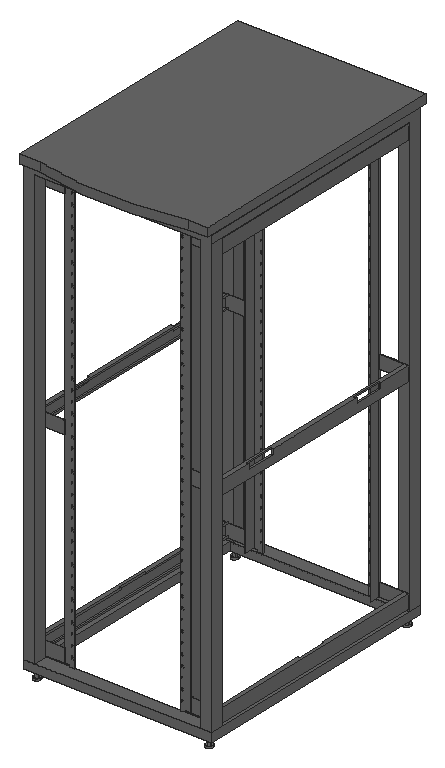
Revit family "V82A-42U-Without Doors-04.04.14", category Electrical Equipment, Revit 2013 (continued)
Lines and regions (mm)
  model lines
    curve 620: line (475.49, 628.074, 2018.227) -> (481.49, 628.074, 2018.227)
    curve 621: line (485.49, 633.074, 2018.227) -> (485.49, 630.074, 2018.227)
    curve 622: line (485.49, 630.074, 2018.227) -> (481.49, 630.074, 2018.227)
    curve 623: line (481.49, 630.074, 2018.227) -> (481.49, 628.074, 2018.227)
    curve 624: line (471.49, 633.074, 2018.227) -> (475.49, 633.074, 2018.227)
    curve 625: line (475.49, 633.074, 2018.227) -> (475.49, 635.074, 2018.227)
    curve 626: line (475.49, 635.074, 2018.227) -> (481.49, 635.074, 2018.227)
    curve 627: line (485.49, 633.074, 2018.227) -> (481.49, 633.074, 2018.227)
    curve 628: line (481.49, 633.074, 2018.227) -> (481.49, 635.074, 2018.227)
    curve 629: line (471.49, 188.074, 2018.227) -> (471.49, 191.074, 2018.227)
    curve 630: line (471.49, 191.074, 2018.227) -> (475.49, 191.074, 2018.227)
    curve 631: line (475.49, 191.074, 2018.227) -> (475.49, 193.074, 2018.227)
    curve 632: line (475.49, 193.074, 2018.227) -> (481.49, 193.074, 2018.227)
    curve 633: line (485.49, 188.074, 2018.227) -> (485.49, 191.074, 2018.227)
    curve 634: line (485.49, 191.074, 2018.227) -> (481.49, 191.074, 2018.227)
    curve 635: line (481.49, 191.074, 2018.227) -> (481.49, 193.074, 2018.227)
    curve 636: line (471.49, 188.074, 2018.227) -> (475.49, 188.074, 2018.227)
    curve 637: line (475.49, 188.074, 2018.227) -> (475.49, 186.074, 2018.227)
    curve 638: line (475.49, 186.074, 2018.227) -> (481.49, 186.074, 2018.227)
    curve 639: line (485.49, 188.074, 2018.227) -> (481.49, 188.074, 2018.227)
    curve 640: line (481.49, 188.074, 2018.227) -> (481.49, 186.074, 2018.227)
    curve 641: line (471.49, 120.074, 2018.227) -> (471.49, 123.074, 2018.227)
    curve 642: line (471.49, 123.074, 2018.227) -> (475.49, 123.074, 2018.227)
    curve 643: line (475.49, 123.074, 2018.227) -> (475.49, 125.074, 2018.227)
    curve 644: line (475.49, 125.074, 2018.227) -> (481.49, 125.074, 2018.227)
    curve 645: line (485.49, 120.074, 2018.227) -> (485.49, 123.074, 2018.227)
    curve 646: line (485.49, 123.074, 2018.227) -> (481.49, 123.074, 2018.227)
    curve 647: line (481.49, 123.074, 2018.227) -> (481.49, 125.074, 2018.227)
    curve 648: line (471.49, 120.074, 2018.227) -> (475.49, 120.074, 2018.227)
    curve 649: line (475.49, 120.074, 2018.227) -> (475.49, 118.074, 2018.227)
    curve 650: line (475.49, 118.074, 2018.227) -> (481.49, 118.074, 2018.227)
    curve 651: line (485.49, 120.074, 2018.227) -> (481.49, 120.074, 2018.227)
    curve 652: line (481.49, 120.074, 2018.227) -> (481.49, 118.074, 2018.227)
    curve 653: line (471.49, 157.074, 2018.227) -> (471.49, 154.074, 2018.227)
    curve 654: line (471.49, 154.074, 2018.227) -> (475.49, 154.074, 2018.227)
    curve 655: line (475.49, 154.074, 2018.227) -> (475.49, 152.074, 2018.227)
    curve 656: line (475.49, 152.074, 2018.227) -> (481.49, 152.074, 2018.227)
    curve 657: line (485.49, 157.074, 2018.227) -> (485.49, 154.074, 2018.227)
    curve 658: line (485.49, 154.074, 2018.227) -> (481.49, 154.074, 2018.227)
    curve 659: line (481.49, 154.074, 2018.227) -> (481.49, 152.074, 2018.227)
    curve 660: line (471.49, 157.074, 2018.227) -> (475.49, 157.074, 2018.227)
    curve 661: line (475.49, 157.074, 2018.227) -> (475.49, 159.074, 2018.227)
    curve 662: line (475.49, 159.074, 2018.227) -> (481.49, 159.074, 2018.227)
    curve 663: line (485.49, 157.074, 2018.227) -> (481.49, 157.074, 2018.227)
    curve 664: line (481.49, 157.074, 2018.227) -> (481.49, 159.074, 2018.227)
    curve 665: line (471.49, 429.074, 2018.227) -> (471.49, 426.074, 2018.227)
    curve 666: line (471.49, 426.074, 2018.227) -> (475.49, 426.074, 2018.227)
    curve 667: line (475.49, 426.074, 2018.227) -> (475.49, 424.074, 2018.227)
    curve 668: line (475.49, 424.074, 2018.227) -> (481.49, 424.074, 2018.227)
    curve 669: line (485.49, 429.074, 2018.227) -> (485.49, 426.074, 2018.227)
    curve 670: line (485.49, 426.074, 2018.227) -> (481.49, 426.074, 2018.227)
    curve 671: line (481.49, 426.074, 2018.227) -> (481.49, 424.074, 2018.227)
    curve 672: line (471.49, 429.074, 2018.227) -> (475.49, 429.074, 2018.227)
    curve 673: line (475.49, 429.074, 2018.227) -> (475.49, 431.074, 2018.227)
    curve 674: line (475.49, 431.074, 2018.227) -> (481.49, 431.074, 2018.227)
    curve 675: line (485.49, 429.074, 2018.227) -> (481.49, 429.074, 2018.227)
    curve 676: line (481.49, 429.074, 2018.227) -> (481.49, 431.074, 2018.227)
    curve 677: line (471.49, 392.074, 2018.227) -> (471.49, 395.074, 2018.227)
    curve 678: line (471.49, 395.074, 2018.227) -> (475.49, 395.074, 2018.227)
    curve 679: line (475.49, 395.074, 2018.227) -> (475.49, 397.074, 2018.227)
    curve 680: line (475.49, 397.074, 2018.227) -> (481.49, 397.074, 2018.227)
    curve 681: line (485.49, 392.074, 2018.227) -> (485.49, 395.074, 2018.227)
    curve 682: line (485.49, 395.074, 2018.227) -> (481.49, 395.074, 2018.227)
    curve 683: line (481.49, 395.074, 2018.227) -> (481.49, 397.074, 2018.227)
    curve 684: line (471.49, 392.074, 2018.227) -> (475.49, 392.074, 2018.227)
    curve 685: line (475.49, 392.074, 2018.227) -> (475.49, 390.074, 2018.227)
    curve 686: line (475.49, 390.074, 2018.227) -> (481.49, 390.074, 2018.227)
    curve 687: line (485.49, 392.074, 2018.227) -> (481.49, 392.074, 2018.227)
    curve 688: line (481.49, 392.074, 2018.227) -> (481.49, 390.074, 2018.227)
    curve 689: line (471.49, 324.074, 2018.227) -> (471.49, 327.074, 2018.227)
    curve 690: line (471.49, 327.074, 2018.227) -> (475.49, 327.074, 2018.227)
    curve 691: line (475.49, 327.074, 2018.227) -> (475.49, 329.074, 2018.227)
    curve 692: line (475.49, 329.074, 2018.227) -> (481.49, 329.074, 2018.227)
    curve 693: line (485.49, 324.074, 2018.227) -> (485.49, 327.074, 2018.227)
    curve 694: line (485.49, 327.074, 2018.227) -> (481.49, 327.074, 2018.227)
    curve 695: line (481.49, 327.074, 2018.227) -> (481.49, 329.074, 2018.227)
    curve 696: line (471.49, 324.074, 2018.227) -> (475.49, 324.074, 2018.227)
    curve 697: line (475.49, 324.074, 2018.227) -> (475.49, 322.074, 2018.227)
    curve 698: line (475.49, 322.074, 2018.227) -> (481.49, 322.074, 2018.227)
    curve 699: line (485.49, 324.074, 2018.227) -> (481.49, 324.074, 2018.227)
    curve 700: line (481.49, 324.074, 2018.227) -> (481.49, 322.074, 2018.227)
    curve 701: line (471.49, 361.074, 2018.227) -> (471.49, 358.074, 2018.227)
    curve 702: line (471.49, 358.074, 2018.227) -> (475.49, 358.074, 2018.227)
    curve 703: line (475.49, 358.074, 2018.227) -> (475.49, 356.074, 2018.227)
    curve 704: line (475.49, 356.074, 2018.227) -> (481.49, 356.074, 2018.227)
    curve 705: line (485.49, 361.074, 2018.227) -> (485.49, 358.074, 2018.227)
    curve 706: line (485.49, 358.074, 2018.227) -> (481.49, 358.074, 2018.227)
    curve 707: line (481.49, 358.074, 2018.227) -> (481.49, 356.074, 2018.227)
    curve 708: line (471.49, 361.074, 2018.227) -> (475.49, 361.074, 2018.227)
    curve 709: line (475.49, 361.074, 2018.227) -> (475.49, 363.074, 2018.227)
    curve 710: line (475.49, 363.074, 2018.227) -> (481.49, 363.074, 2018.227)
    curve 711: line (485.49, 361.074, 2018.227) -> (481.49, 361.074, 2018.227)
    curve 712: line (481.49, 361.074, 2018.227) -> (481.49, 363.074, 2018.227)
    curve 713: line (471.49, 225.074, 2018.227) -> (471.49, 222.074, 2018.227)
    curve 714: line (471.49, 222.074, 2018.227) -> (475.49, 222.074, 2018.227)
    curve 715: line (475.49, 222.074, 2018.227) -> (475.49, 220.074, 2018.227)
    curve 716: line (475.49, 220.074, 2018.227) -> (481.49, 220.074, 2018.227)
    curve 717: line (485.49, 225.074, 2018.227) -> (485.49, 222.074, 2018.227)
    curve 718: line (485.49, 222.074, 2018.227) -> (481.49, 222.074, 2018.227)
    curve 719: line (481.49, 222.074, 2018.227) -> (481.49, 220.074, 2018.227)
    curve 720: line (471.49, 225.074, 2018.227) -> (475.49, 225.074, 2018.227)
    curve 721: line (475.49, 225.074, 2018.227) -> (475.49, 227.074, 2018.227)
    curve 722: line (475.49, 227.074, 2018.227) -> (481.49, 227.074, 2018.227)
    curve 723: line (485.49, 225.074, 2018.227) -> (481.49, 225.074, 2018.227)
    curve 724: line (481.49, 225.074, 2018.227) -> (481.49, 227.074, 2018.227)
    curve 725: line (471.49, 293.074, 2018.227) -> (471.49, 290.074, 2018.227)
    curve 726: line (471.49, 290.074, 2018.227) -> (475.49, 290.074, 2018.227)
    curve 727: line (475.49, 290.074, 2018.227) -> (475.49, 288.074, 2018.227)
    curve 728: line (475.49, 288.074, 2018.227) -> (481.49, 288.074, 2018.227)
    curve 729: line (485.49, 293.074, 2018.227) -> (485.49, 290.074, 2018.227)
    curve 730: line (485.49, 290.074, 2018.227) -> (481.49, 290.074, 2018.227)
    curve 731: line (481.49, 290.074, 2018.227) -> (481.49, 288.074, 2018.227)
    curve 732: line (471.49, 293.074, 2018.227) -> (475.49, 293.074, 2018.227)
    curve 733: line (475.49, 293.074, 2018.227) -> (475.49, 295.074, 2018.227)
    curve 734: line (475.49, 295.074, 2018.227) -> (481.49, 295.074, 2018.227)
    curve 735: line (485.49, 293.074, 2018.227) -> (481.49, 293.074, 2018.227)
    curve 736: line (481.49, 293.074, 2018.227) -> (481.49, 295.074, 2018.227)
    curve 737: line (471.49, 256.074, 2018.227) -> (471.49, 259.074, 2018.227)
    curve 738: line (471.49, 259.074, 2018.227) -> (475.49, 259.074, 2018.227)
    curve 739: line (475.49, 259.074, 2018.227) -> (475.49, 261.074, 2018.227)
    curve 740: line (475.49, 261.074, 2018.227) -> (481.49, 261.074, 2018.227)
    curve 741: line (485.49, 256.074, 2018.227) -> (485.49, 259.074, 2018.227)
    curve 742: line (485.49, 259.074, 2018.227) -> (481.49, 259.074, 2018.227)
    curve 743: line (481.49, 259.074, 2018.227) -> (481.49, 261.074, 2018.227)
    curve 744: line (471.49, 256.074, 2018.227) -> (475.49, 256.074, 2018.227)
    curve 745: line (475.49, 256.074, 2018.227) -> (475.49, 254.074, 2018.227)
    curve 746: line (475.49, 254.074, 2018.227) -> (481.49, 254.074, 2018.227)
    curve 747: line (485.49, 256.074, 2018.227) -> (481.49, 256.074, 2018.227)
    curve 748: line (481.49, 256.074, 2018.227) -> (481.49, 254.074, 2018.227)
    curve 750: line (471.49, 973.074, 2018.227) -> (471.49, 970.074, 2018.227)
    curve 751: line (471.49, 970.074, 2018.227) -> (475.49, 970.074, 2018.227)
    curve 752: line (475.49, 970.074, 2018.227) -> (475.49, 968.074, 2018.227)
    curve 753: line (475.49, 968.074, 2018.227) -> (481.49, 968.074, 2018.227)
    curve 754: line (485.49, 973.074, 2018.227) -> (485.49, 970.074, 2018.227)
    curve 755: line (485.49, 970.074, 2018.227) -> (481.49, 970.074, 2018.227)
    curve 756: line (481.49, 970.074, 2018.227) -> (481.49, 968.074, 2018.227)
    curve 757: line (471.49, 973.074, 2018.227) -> (475.49, 973.074, 2018.227)
    curve 758: line (475.49, 973.074, 2018.227) -> (475.49, 975.074, 2018.227)
    curve 759: line (475.49, 975.074, 2018.227) -> (481.49, 975.074, 2018.227)
    curve 760: line (485.49, 973.074, 2018.227) -> (481.49, 973.074, 2018.227)
    curve 761: line (481.49, 973.074, 2018.227) -> (481.49, 975.074, 2018.227)
    curve 762: line (471.49, 1004.074, 2018.227) -> (471.49, 1007.074, 2018.227)
    curve 763: line (471.49, 1007.074, 2018.227) -> (475.49, 1007.074, 2018.227)
    curve 764: line (475.49, 1007.074, 2018.227) -> (475.49, 1009.074, 2018.227)
    curve 765: line (475.49, 1009.074, 2018.227) -> (481.49, 1009.074, 2018.227)
    curve 766: line (485.49, 1004.074, 2018.227) -> (485.49, 1007.074, 2018.227)
    curve 767: line (485.49, 1007.074, 2018.227) -> (481.49, 1007.074, 2018.227)
    curve 768: line (481.49, 1007.074, 2018.227) -> (481.49, 1009.074, 2018.227)
    curve 769: line (471.49, 1004.074, 2018.227) -> (475.49, 1004.074, 2018.227)
    curve 770: line (475.49, 1004.074, 2018.227) -> (475.49, 1002.074, 2018.227)
    curve 771: line (475.49, 1002.074, 2018.227) -> (481.49, 1002.074, 2018.227)
    curve 772: line (485.49, 1004.074, 2018.227) -> (481.49, 1004.074, 2018.227)
    curve 773: line (481.49, 1004.074, 2018.227) -> (481.49, 1002.074, 2018.227)
    curve 774: line (471.49, 1072.074, 2018.227) -> (471.49, 1075.074, 2018.227)
    curve 775: line (471.49, 1075.074, 2018.227) -> (475.49, 1075.074, 2018.227)
    curve 776: line (475.49, 1075.074, 2018.227) -> (475.49, 1077.074, 2018.227)
    curve 777: line (475.49, 1077.074, 2018.227) -> (481.49, 1077.074, 2018.227)
    curve 778: line (485.49, 1072.074, 2018.227) -> (485.49, 1075.074, 2018.227)
    curve 779: line (485.49, 1075.074, 2018.227) -> (481.49, 1075.074, 2018.227)
    curve 780: line (481.49, 1075.074, 2018.227) -> (481.49, 1077.074, 2018.227)
    curve 781: line (471.49, 1072.074, 2018.227) -> (475.49, 1072.074, 2018.227)
    curve 782: line (475.49, 1072.074, 2018.227) -> (475.49, 1070.074, 2018.227)
    curve 783: line (475.49, 1070.074, 2018.227) -> (481.49, 1070.074, 2018.227)
    curve 784: line (485.49, 1072.074, 2018.227) -> (481.49, 1072.074, 2018.227)
    curve 785: line (481.49, 1072.074, 2018.227) -> (481.49, 1070.074, 2018.227)
    curve 786: line (471.49, 1041.074, 2018.227) -> (471.49, 1038.074, 2018.227)
    curve 787: line (471.49, 1038.074, 2018.227) -> (475.49, 1038.074, 2018.227)
    curve 788: line (475.49, 1038.074, 2018.227) -> (475.49, 1036.074, 2018.227)
    curve 789: line (475.49, 1036.074, 2018.227) -> (481.49, 1036.074, 2018.227)
    curve 790: line (485.49, 1041.074, 2018.227) -> (485.49, 1038.074, 2018.227)
    curve 791: line (485.49, 1038.074, 2018.227) -> (481.49, 1038.074, 2018.227)
    curve 792: line (481.49, 1038.074, 2018.227) -> (481.49, 1036.074, 2018.227)
    curve 793: line (471.49, 1041.074, 2018.227) -> (475.49, 1041.074, 2018.227)
    curve 794: line (475.49, 1041.074, 2018.227) -> (475.49, 1043.074, 2018.227)
    curve 795: line (475.49, 1043.074, 2018.227) -> (481.49, 1043.074, 2018.227)
    curve 796: line (485.49, 1041.074, 2018.227) -> (481.49, 1041.074, 2018.227)
    curve 797: line (481.49, 1041.074, 2018.227) -> (481.49, 1043.074, 2018.227)
    curve 798: line (471.49, 1109.074, 2018.227) -> (471.49, 1106.074, 2018.227)
    curve 799: line (471.49, 1106.074, 2018.227) -> (475.49, 1106.074, 2018.227)
    curve 800: line (475.49, 1106.074, 2018.227) -> (475.49, 1104.074, 2018.227)
    curve 801: line (475.49, 1104.074, 2018.227) -> (481.49, 1104.074, 2018.227)
    curve 802: line (485.49, 1109.074, 2018.227) -> (485.49, 1106.074, 2018.227)
    curve 803: line (485.49, 1106.074, 2018.227) -> (481.49, 1106.074, 2018.227)
    curve 804: line (481.49, 1106.074, 2018.227) -> (481.49, 1104.074, 2018.227)
    curve 805: line (471.49, 1109.074, 2018.227) -> (475.49, 1109.074, 2018.227)
    curve 806: line (475.49, 1109.074, 2018.227) -> (475.49, 1111.074, 2018.227)
    curve 807: line (475.49, 1111.074, 2018.227) -> (481.49, 1111.074, 2018.227)
    curve 808: line (485.49, 1109.074, 2018.227) -> (481.49, 1109.074, 2018.227)
    curve 809: line (481.49, 1109.074, 2018.227) -> (481.49, 1111.074, 2018.227)
    curve 810: line (471.49, 1140.074, 2018.227) -> (471.49, 1143.074, 2018.227)
    curve 811: line (471.49, 1143.074, 2018.227) -> (475.49, 1143.074, 2018.227)
    curve 812: line (475.49, 1143.074, 2018.227) -> (475.49, 1145.074, 2018.227)
    curve 813: line (475.49, 1145.074, 2018.227) -> (481.49, 1145.074, 2018.227)
    curve 814: line (485.49, 1140.074, 2018.227) -> (485.49, 1143.074, 2018.227)
    curve 815: line (485.49, 1143.074, 2018.227) -> (481.49, 1143.074, 2018.227)
    curve 816: line (481.49, 1143.074, 2018.227) -> (481.49, 1145.074, 2018.227)
    curve 817: line (471.49, 1140.074, 2018.227) -> (475.49, 1140.074, 2018.227)
    curve 818: line (475.49, 1140.074, 2018.227) -> (475.49, 1138.074, 2018.227)
    curve 819: line (475.49, 1138.074, 2018.227) -> (481.49, 1138.074, 2018.227)
    curve 820: line (485.49, 1140.074, 2018.227) -> (481.49, 1140.074, 2018.227)
    curve 821: line (481.49, 1140.074, 2018.227) -> (481.49, 1138.074, 2018.227)
    curve 826: arc (-255.64, 595.376, 2018.227) -> (-221.424, 621.802, 2018.227) -> (-187.208, 595.376, 2018.227) r 35.364
    curve 827: arc (-252.64, 595.376, 2018.227) -> (-221.424, 618.787, 2018.227) -> (-190.208, 595.376, 2018.227) r 32.517
    curve 828: arc (-255.64, 215.376, 2018.227) -> (-221.424, 188.949, 2018.227) -> (-187.208, 215.376, 2018.227) r 35.364
    curve 829: arc (-252.64, 215.376, 2018.227) -> (-221.424, 191.965, 2018.227) -> (-190.208, 215.376, 2018.227) r 32.517
    curve 835: arc (458.24, 595.376, 2018.227) -> (424.024, 621.802, 2018.227) -> (389.808, 595.376, 2018.227) r 35.364
    curve 836: arc (455.24, 595.376, 2018.227) -> (424.024, 618.787, 2018.227) -> (392.808, 595.376, 2018.227) r 32.517
    curve 837: arc (458.24, 215.376, 2018.227) -> (424.024, 188.949, 2018.227) -> (389.808, 215.376, 2018.227) r 35.364
    curve 838: arc (455.24, 215.376, 2018.227) -> (424.024, 191.965, 2018.227) -> (392.808, 215.376, 2018.227) r 32.517
Dimensions and locks
  Extrusion 8 to Extrusion 6 = 2016.00 mm
Nested families
  nested 1: "VersaPOD-Frame" at (100.084, 486.862, -8.583), type "VersaPOD-Frame"
  nested 2: "VersaPOD-Frame" at (100.084, 743.841, -8.583), type "VersaPOD-Frame"
  nested 3: "VersaPOD-Frame" at (102.728, 486.862, -8.583) x (-1, 0, 0) z (0, 0, 1), type "VersaPOD-Frame"
  nested 4: "VersaPOD-Frame" at (102.728, 743.86, -8.583) x (-1, 0, 0) z (0, 0, 1), type "VersaPOD-Frame"
  nested 5: "CC" at (392.299, 277.783, 932.473) x (0, -1, 0) z (1, 0, 0), type "CC"
  nested 6: "CC" at (-189.508, 278.095, 932.473) x (0, -1, 0) z (-1, 0, 0), type "CC"
  nested 7: "CC-new" at (-189.418, 1154.315, 84.675) x (0, 1, 0) z (-1, 0, 0), type "CC-new"
  nested 8: "CC-new" at (392.344, 1154.315, 84.831) x (0, 1, 0) z (1, 0, 0), type "CC-new"
  nested 9: "CC-new" at (392.297, 1154.315, 1878.096) x (0, 1, 0) z (1, 0, 0), type "CC-new"
  nested 10: "CC-new" at (-189.385, 1154.315, 1878.116) x (0, 1, 0) z (-1, 0, 0), type "CC-new"
Definition of nested family "VersaPOD-Frame"
  Parameters (values of type "VersaPOD-Frame")
    Material = SIEMON STEEL
    Assembly Code = ""
  Reference planes
    plane 1 "Center (Front/Back)": y = 0
    plane 2: z = 0
    plane 3 "Center (Left/Right)": x = 0
  Forms (mm)
    Extrusion 1, solid, material "SIEMON STEEL(1)"
      sketch origin (172.75, 374.529, 83.392) x (-1, 0, 0) y (0, 0, 1)
        loop
          arc (-54.5, 1865.344) -> (-54.765, 1866.195) -> (-55.467, 1866.744) r 1.497
          line (-55.467, 1866.744) -> (-76.055, 1866.744)
          arc (-76.055, 1866.744) -> (-77.079, 1866.32) -> (-77.503, 1865.296) r 1.447
          line (-77.503, 1865.296) -> (-77.503, 1859.906) -> (-97.502, 1859.906) -> (-97.502, 8.219) -> (-77.503, 8.219) -> (-77.503, 2.907)
          arc (-77.503, 2.907) -> (-77.079, 1.883) -> (-76.055, 1.459) r 1.447
          line (-76.055, 1.459) -> (-55.529, 1.459)
          arc (-55.529, 1.459) -> (-54.785, 1.99) -> (-54.5, 2.859) r 1.467
          line (-54.5, 2.859) -> (-54.5, 1865.344)
        loop
          line (-66.648, 1777.397) -> (-66.648, 1767.897) -> (-57.148, 1767.897) -> (-57.148, 1777.397) -> (-66.648, 1777.397)
        loop
          line (-66.648, 1812.297) -> (-57.148, 1812.297) -> (-57.148, 1821.797) -> (-66.648, 1821.797) -> (-66.648, 1812.297)
        loop
          line (-66.648, 1599.797) -> (-66.648, 1590.297) -> (-57.148, 1590.297) -> (-57.148, 1599.797) -> (-66.648, 1599.797)
        loop
          line (-66.648, 1634.697) -> (-57.148, 1634.697) -> (-57.148, 1644.197) -> (-66.648, 1644.197) -> (-66.648, 1634.697)
        loop
          line (-66.648, 1723.497) -> (-57.148, 1723.497) -> (-57.148, 1732.997) -> (-66.648, 1732.997) -> (-66.648, 1723.497)
        loop
          line (-66.648, 1688.597) -> (-66.648, 1679.097) -> (-57.148, 1679.097) -> (-57.148, 1688.597) -> (-66.648, 1688.597)
        loop
          line (-66.648, 1244.597) -> (-66.648, 1235.097) -> (-57.148, 1235.097) -> (-57.148, 1244.597) -> (-66.648, 1244.597)
        loop
          line (-66.648, 1279.497) -> (-57.148, 1279.497) -> (-57.148, 1288.997) -> (-66.648, 1288.997) -> (-66.648, 1279.497)
        loop
          line (-66.648, 1368.297) -> (-57.148, 1368.297) -> (-57.148, 1377.797) -> (-66.648, 1377.797) -> (-66.648, 1368.297)
        loop
          line (-66.648, 1333.397) -> (-66.648, 1323.897) -> (-57.148, 1323.897) -> (-57.148, 1333.397) -> (-66.648, 1333.397)
        loop
          line (-66.648, 1545.897) -> (-57.148, 1545.897) -> (-57.148, 1555.397) -> (-66.648, 1555.397) -> (-66.648, 1545.897)
        loop
          line (-66.648, 1510.997) -> (-66.648, 1501.497) -> (-57.148, 1501.497) -> (-57.148, 1510.997) -> (-66.648, 1510.997)
        loop
          line (-66.648, 1422.197) -> (-66.648, 1412.697) -> (-57.148, 1412.697) -> (-57.148, 1422.197) -> (-66.648, 1422.197)
        loop
          line (-66.648, 1457.097) -> (-57.148, 1457.097) -> (-57.148, 1466.597) -> (-66.648, 1466.597) -> (-66.648, 1457.097)
        loop
          line (-66.648, 534.197) -> (-66.648, 524.697) -> (-57.148, 524.697) -> (-57.148, 534.197) -> (-66.648, 534.197)
        loop
          line (-66.648, 569.097) -> (-57.148, 569.097) -> (-57.148, 578.597) -> (-66.648, 578.597) -> (-66.648, 569.097)
        loop
          line (-66.648, 657.897) -> (-57.148, 657.897) -> (-57.148, 667.397) -> (-66.648, 667.397) -> (-66.648, 657.897)
        loop
          line (-66.648, 622.997) -> (-66.648, 613.497) -> (-57.148, 613.497) -> (-57.148, 622.997) -> (-66.648, 622.997)
        loop
          line (-66.648, 835.497) -> (-57.148, 835.497) -> (-57.148, 844.997) -> (-66.648, 844.997) -> (-66.648, 835.497)
        loop
          line (-66.648, 800.597) -> (-66.648, 791.097) -> (-57.148, 791.097) -> (-57.148, 800.597) -> (-66.648, 800.597)
        loop
          line (-66.648, 711.797) -> (-66.648, 702.297) -> (-57.148, 702.297) -> (-57.148, 711.797) -> (-66.648, 711.797)
        loop
          line (-66.648, 746.697) -> (-57.148, 746.697) -> (-57.148, 756.197) -> (-66.648, 756.197) -> (-66.648, 746.697)
        loop
          line (-66.648, 1190.697) -> (-57.148, 1190.697) -> (-57.148, 1200.197) -> (-66.648, 1200.197) -> (-66.648, 1190.697)
        loop
          line (-66.648, 1155.797) -> (-66.648, 1146.297) -> (-57.148, 1146.297) -> (-57.148, 1155.797) -> (-66.648, 1155.797)
        loop
          line (-66.648, 1066.997) -> (-66.648, 1057.497) -> (-57.148, 1057.497) -> (-57.148, 1066.997) -> (-66.648, 1066.997)
        loop
          line (-66.648, 1101.897) -> (-57.148, 1101.897) -> (-57.148, 1111.397) -> (-66.648, 1111.397) -> (-66.648, 1101.897)
        loop
          line (-66.648, 889.397) -> (-66.648, 879.897) -> (-57.148, 879.897) -> (-57.148, 889.397) -> (-66.648, 889.397)
        loop
          line (-66.648, 924.297) -> (-57.148, 924.297) -> (-57.148, 933.797) -> (-66.648, 933.797) -> (-66.648, 924.297)
        loop
          line (-66.648, 1013.097) -> (-57.148, 1013.097) -> (-57.148, 1022.597) -> (-66.648, 1022.597) -> (-66.648, 1013.097)
        loop
          line (-66.648, 978.197) -> (-66.648, 968.697) -> (-57.148, 968.697) -> (-57.148, 978.197) -> (-66.648, 978.197)
        loop
          line (-66.648, 480.297) -> (-57.148, 480.297) -> (-57.148, 489.797) -> (-66.648, 489.797) -> (-66.648, 480.297)
        loop
          line (-66.648, 445.397) -> (-66.648, 435.897) -> (-57.148, 435.897) -> (-57.148, 445.397) -> (-66.648, 445.397)
        loop
          line (-66.648, 356.597) -> (-66.648, 347.097) -> (-57.148, 347.097) -> (-57.148, 356.597) -> (-66.648, 356.597)
        loop
          line (-66.648, 391.497) -> (-57.148, 391.497) -> (-57.148, 400.997) -> (-66.648, 400.997) -> (-66.648, 391.497)
        loop
          line (-66.648, 178.997) -> (-66.648, 169.497) -> (-57.148, 169.497) -> (-57.148, 178.997) -> (-66.648, 178.997)
        loop
          line (-66.648, 213.897) -> (-57.148, 213.897) -> (-57.148, 223.397) -> (-66.648, 223.397) -> (-66.648, 213.897)
        loop
          line (-66.648, 302.697) -> (-57.148, 302.697) -> (-57.148, 312.197) -> (-66.648, 312.197) -> (-66.648, 302.697)
        loop
          line (-66.648, 267.797) -> (-66.648, 258.297) -> (-57.148, 258.297) -> (-57.148, 267.797) -> (-66.648, 267.797)
        loop
          line (-66.648, 125.097) -> (-57.148, 125.097) -> (-57.148, 134.597) -> (-66.648, 134.597) -> (-66.648, 125.097)
        loop
          line (-66.648, 90.197) -> (-66.648, 80.697) -> (-57.148, 80.697) -> (-57.148, 90.197) -> (-66.648, 90.197)
        loop
          line (-66.648, 36.297) -> (-57.148, 36.297) -> (-57.148, 45.797) -> (-66.648, 45.797) -> (-66.648, 36.297)
        loop
          line (-66.648, 1853.547) -> (-57.148, 1853.547) -> (-57.148, 1863.047) -> (-66.648, 1863.047) -> (-66.648, 1853.547)
      from -2 to 0
    Extrusion 2, solid, material "SIEMON STEEL(1)"
      sketch origin (268.253, 275.026, 83.392) x (0, -1, 0) y (0, 0, 1)
        loop
          line (-97.502, 1859.906) -> (-97.502, 8.219) -> (-54.5, 8.219) -> (-54.5, 1859.906) -> (-97.502, 1859.906)
      from -2 to 0
  Lines and regions (mm)
    model lines
      curve 1: line (270.253, 332.174, 1772.269) -> (270.253, 341.674, 1772.269)
      curve 2: line (270.253, 332.174, 1762.769) -> (270.253, 332.174, 1772.269)
      curve 3: line (270.253, 341.674, 1762.769) -> (270.253, 332.174, 1762.769)
      curve 4: line (270.253, 341.674, 1772.269) -> (270.253, 341.674, 1762.769)
      curve 5: line (270.253, 332.174, 1727.988) -> (270.253, 341.674, 1727.988)
      curve 6: line (270.253, 332.174, 1718.488) -> (270.253, 332.174, 1727.988)
      curve 7: line (270.253, 341.674, 1718.488) -> (270.253, 332.174, 1718.488)
      curve 8: line (270.253, 341.674, 1727.988) -> (270.253, 341.674, 1718.488)
      curve 9: line (270.253, 332.174, 1683.588) -> (270.253, 341.674, 1683.588)
      curve 10: line (270.253, 332.174, 1674.088) -> (270.253, 332.174, 1683.588)
      curve 11: line (270.253, 341.674, 1674.088) -> (270.253, 332.174, 1674.088)
      curve 12: line (270.253, 341.674, 1683.588) -> (270.253, 341.674, 1674.088)
      curve 13: line (270.253, 332.174, 1461.827) -> (270.253, 341.674, 1461.827)
      curve 14: line (270.253, 332.174, 1452.327) -> (270.253, 332.174, 1461.827)
      curve 15: line (270.253, 341.674, 1452.327) -> (270.253, 332.174, 1452.327)
      curve 16: line (270.253, 341.674, 1461.827) -> (270.253, 341.674, 1452.327)
      curve 17: line (270.253, 332.174, 1417.547) -> (270.253, 341.674, 1417.547)
      curve 18: line (270.253, 332.174, 1408.047) -> (270.253, 332.174, 1417.547)
      curve 19: line (270.253, 341.674, 1408.047) -> (270.253, 332.174, 1408.047)
      curve 20: line (270.253, 341.674, 1417.547) -> (270.253, 341.674, 1408.047)
      curve 21: line (270.253, 332.174, 1373.147) -> (270.253, 341.674, 1373.147)
      curve 22: line (270.253, 332.174, 1363.647) -> (270.253, 332.174, 1373.147)
      curve 23: line (270.253, 341.674, 1363.647) -> (270.253, 332.174, 1363.647)
      curve 24: line (270.253, 341.674, 1373.147) -> (270.253, 341.674, 1363.647)
      curve 25: line (270.253, 332.174, 1151.505) -> (270.253, 341.674, 1151.505)
      curve 26: line (270.253, 332.174, 1142.005) -> (270.253, 332.174, 1151.505)
      curve 27: line (270.253, 341.674, 1142.005) -> (270.253, 332.174, 1142.005)
      curve 28: line (270.253, 341.674, 1151.505) -> (270.253, 341.674, 1142.005)
      curve 29: line (270.253, 332.174, 1107.224) -> (270.253, 341.674, 1107.224)
      curve 30: line (270.253, 332.174, 1097.724) -> (270.253, 332.174, 1107.224)
      curve 31: line (270.253, 341.674, 1097.724) -> (270.253, 332.174, 1097.724)
      curve 32: line (270.253, 341.674, 1107.224) -> (270.253, 341.674, 1097.724)
      curve 33: line (270.253, 332.174, 1062.824) -> (270.253, 341.674, 1062.824)
      curve 34: line (270.253, 332.174, 1053.324) -> (270.253, 332.174, 1062.824)
      curve 35: line (270.253, 341.674, 1053.324) -> (270.253, 332.174, 1053.324)
      curve 36: line (270.253, 341.674, 1062.824) -> (270.253, 341.674, 1053.324)
      curve 37: line (270.253, 332.174, 841.068) -> (270.253, 341.674, 841.068)
      curve 38: line (270.253, 332.174, 831.568) -> (270.253, 332.174, 841.068)
      curve 39: line (270.253, 341.674, 831.568) -> (270.253, 332.174, 831.568)
      curve 40: line (270.253, 341.674, 841.068) -> (270.253, 341.674, 831.568)
      curve 41: line (270.253, 332.174, 796.787) -> (270.253, 341.674, 796.787)
      curve 42: line (270.253, 332.174, 787.287) -> (270.253, 332.174, 796.787)
      curve 43: line (270.253, 341.674, 787.287) -> (270.253, 332.174, 787.287)
      curve 44: line (270.253, 341.674, 796.787) -> (270.253, 341.674, 787.287)
      curve 45: line (270.253, 332.174, 752.387) -> (270.253, 341.674, 752.387)
      curve 46: line (270.253, 332.174, 742.887) -> (270.253, 332.174, 752.387)
      curve 47: line (270.253, 341.674, 742.887) -> (270.253, 332.174, 742.887)
      curve 48: line (270.253, 341.674, 752.387) -> (270.253, 341.674, 742.887)
      curve 49: line (270.253, 332.174, 530.746) -> (270.253, 341.674, 530.746)
      curve 50: line (270.253, 332.174, 521.246) -> (270.253, 332.174, 530.746)
      curve 51: line (270.253, 341.674, 521.246) -> (270.253, 332.174, 521.246)
      curve 52: line (270.253, 341.674, 530.746) -> (270.253, 341.674, 521.246)
      curve 53: line (270.253, 332.174, 486.465) -> (270.253, 341.674, 486.465)
      curve 54: line (270.253, 332.174, 476.965) -> (270.253, 332.174, 486.465)
      curve 55: line (270.253, 341.674, 476.965) -> (270.253, 332.174, 476.965)
      curve 56: line (270.253, 341.674, 486.465) -> (270.253, 341.674, 476.965)
      curve 57: line (270.253, 332.174, 442.065) -> (270.253, 341.674, 442.065)
      curve 58: line (270.253, 332.174, 432.565) -> (270.253, 332.174, 442.065)
      curve 59: line (270.253, 341.674, 432.565) -> (270.253, 332.174, 432.565)
      curve 60: line (270.253, 341.674, 442.065) -> (270.253, 341.674, 432.565)
      curve 61: line (270.253, 332.174, 220.304) -> (270.253, 341.674, 220.304)
      curve 62: line (270.253, 332.174, 210.804) -> (270.253, 332.174, 220.304)
      curve 63: line (270.253, 341.674, 210.804) -> (270.253, 332.174, 210.804)
      curve 64: line (270.253, 341.674, 220.304) -> (270.253, 341.674, 210.804)
      curve 65: line (270.253, 332.174, 176.023) -> (270.253, 341.674, 176.023)
      curve 66: line (270.253, 332.174, 166.523) -> (270.253, 332.174, 176.023)
      curve 67: line (270.253, 341.674, 166.523) -> (270.253, 332.174, 166.523)
      curve 68: line (270.253, 341.674, 176.023) -> (270.253, 341.674, 166.523)
      curve 69: line (270.253, 332.174, 131.623) -> (270.253, 341.674, 131.623)
      curve 70: line (270.253, 332.174, 122.123) -> (270.253, 332.174, 131.623)
      curve 71: line (270.253, 341.674, 122.123) -> (270.253, 332.174, 122.123)
      curve 72: line (270.253, 341.674, 131.623) -> (270.253, 341.674, 122.123)
      curve 73: line (270.253, 332.174, 1941.818) -> (270.253, 341.674, 1941.818)
      curve 74: line (270.253, 332.174, 1932.318) -> (270.253, 332.174, 1941.818)
      curve 75: line (270.253, 341.674, 1932.318) -> (270.253, 332.174, 1932.318)
      curve 76: line (270.253, 341.674, 1941.818) -> (270.253, 341.674, 1932.318)
      curve 77: line (270.253, 332.174, 1905.23) -> (270.253, 341.674, 1905.23)
      curve 78: line (270.253, 332.174, 1895.73) -> (270.253, 332.174, 1905.23)
      curve 79: line (270.253, 341.674, 1895.73) -> (270.253, 332.174, 1895.73)
      curve 80: line (270.253, 341.674, 1905.23) -> (270.253, 341.674, 1895.73)
      curve 81: line (270.253, 332.174, 1860.95) -> (270.253, 341.674, 1860.95)
      curve 82: line (270.253, 332.174, 1851.45) -> (270.253, 332.174, 1860.95)
      curve 83: line (270.253, 341.674, 1851.45) -> (270.253, 332.174, 1851.45)
      curve 84: line (270.253, 341.674, 1860.95) -> (270.253, 341.674, 1851.45)
      curve 85: line (270.253, 332.174, 1816.55) -> (270.253, 341.674, 1816.55)
      curve 86: line (270.253, 332.174, 1807.05) -> (270.253, 332.174, 1816.55)
      curve 87: line (270.253, 341.674, 1807.05) -> (270.253, 332.174, 1807.05)
      curve 88: line (270.253, 341.674, 1816.55) -> (270.253, 341.674, 1807.05)
      curve 89: line (270.253, 332.174, 1639.308) -> (270.253, 341.674, 1639.308)
      curve 90: line (270.253, 332.174, 1629.808) -> (270.253, 332.174, 1639.308)
      curve 91: line (270.253, 341.674, 1629.808) -> (270.253, 332.174, 1629.808)
      curve 92: line (270.253, 341.674, 1639.308) -> (270.253, 341.674, 1629.808)
      curve 93: line (270.253, 332.174, 1594.908) -> (270.253, 341.674, 1594.908)
      curve 94: line (270.253, 332.174, 1585.408) -> (270.253, 332.174, 1594.908)
      curve 95: line (270.253, 341.674, 1585.408) -> (270.253, 332.174, 1585.408)
      curve 96: line (270.253, 341.674, 1594.908) -> (270.253, 341.674, 1585.408)
      curve 97: line (270.253, 332.174, 1550.627) -> (270.253, 341.674, 1550.627)
      curve 98: line (270.253, 332.174, 1541.127) -> (270.253, 332.174, 1550.627)
      curve 99: line (270.253, 341.674, 1541.127) -> (270.253, 332.174, 1541.127)
      curve 100: line (270.253, 341.674, 1550.627) -> (270.253, 341.674, 1541.127)
      curve 101: line (270.253, 332.174, 1506.227) -> (270.253, 341.674, 1506.227)
      curve 102: line (270.253, 332.174, 1496.727) -> (270.253, 332.174, 1506.227)
      curve 103: line (270.253, 341.674, 1496.727) -> (270.253, 332.174, 1496.727)
      curve 104: line (270.253, 341.674, 1506.227) -> (270.253, 341.674, 1496.727)
      curve 105: line (270.253, 332.174, 1328.866) -> (270.253, 341.674, 1328.866)
      curve 106: line (270.253, 332.174, 1319.366) -> (270.253, 332.174, 1328.866)
      curve 107: line (270.253, 341.674, 1319.366) -> (270.253, 332.174, 1319.366)
      curve 108: line (270.253, 341.674, 1328.866) -> (270.253, 341.674, 1319.366)
      curve 109: line (270.253, 332.174, 1284.466) -> (270.253, 341.674, 1284.466)
      curve 110: line (270.253, 332.174, 1274.966) -> (270.253, 332.174, 1284.466)
      curve 111: line (270.253, 341.674, 1274.966) -> (270.253, 332.174, 1274.966)
      curve 112: line (270.253, 341.674, 1284.466) -> (270.253, 341.674, 1274.966)
      curve 113: line (270.253, 332.174, 1240.185) -> (270.253, 341.674, 1240.185)
      curve 114: line (270.253, 332.174, 1230.685) -> (270.253, 332.174, 1240.185)
      curve 115: line (270.253, 341.674, 1230.685) -> (270.253, 332.174, 1230.685)
      curve 116: line (270.253, 341.674, 1240.185) -> (270.253, 341.674, 1230.685)
      curve 117: line (270.253, 332.174, 1195.785) -> (270.253, 341.674, 1195.785)
      curve 118: line (270.253, 332.174, 1186.285) -> (270.253, 332.174, 1195.785)
      curve 119: line (270.253, 341.674, 1186.285) -> (270.253, 332.174, 1186.285)
      curve 120: line (270.253, 341.674, 1195.785) -> (270.253, 341.674, 1186.285)
      curve 121: line (270.253, 332.174, 1018.543) -> (270.253, 341.674, 1018.543)
      curve 122: line (270.253, 332.174, 1009.043) -> (270.253, 332.174, 1018.543)
      curve 123: line (270.253, 341.674, 1009.043) -> (270.253, 332.174, 1009.043)
      curve 124: line (270.253, 341.674, 1018.543) -> (270.253, 341.674, 1009.043)
      curve 125: line (270.253, 332.174, 974.143) -> (270.253, 341.674, 974.143)
      curve 126: line (270.253, 332.174, 964.643) -> (270.253, 332.174, 974.143)
      curve 127: line (270.253, 341.674, 964.643) -> (270.253, 332.174, 964.643)
      curve 128: line (270.253, 341.674, 974.143) -> (270.253, 341.674, 964.643)
      curve 129: line (270.253, 332.174, 929.863) -> (270.253, 341.674, 929.863)
      curve 130: line (270.253, 332.174, 920.363) -> (270.253, 332.174, 929.863)
      curve 131: line (270.253, 341.674, 920.363) -> (270.253, 332.174, 920.363)
      curve 132: line (270.253, 341.674, 929.863) -> (270.253, 341.674, 920.363)
      curve 133: line (270.253, 332.174, 885.463) -> (270.253, 341.674, 885.463)
      curve 134: line (270.253, 332.174, 875.963) -> (270.253, 332.174, 885.463)
      curve 135: line (270.253, 341.674, 875.963) -> (270.253, 332.174, 875.963)
      curve 136: line (270.253, 341.674, 885.463) -> (270.253, 341.674, 875.963)
      curve 137: line (270.253, 332.174, 708.107) -> (270.253, 341.674, 708.107)
      curve 138: line (270.253, 332.174, 698.607) -> (270.253, 332.174, 708.107)
      curve 139: line (270.253, 341.674, 698.607) -> (270.253, 332.174, 698.607)
      curve 140: line (270.253, 341.674, 708.107) -> (270.253, 341.674, 698.607)
      curve 141: line (270.253, 332.174, 663.707) -> (270.253, 341.674, 663.707)
      curve 142: line (270.253, 332.174, 654.207) -> (270.253, 332.174, 663.707)
      curve 143: line (270.253, 341.674, 654.207) -> (270.253, 332.174, 654.207)
      curve 144: line (270.253, 341.674, 663.707) -> (270.253, 341.674, 654.207)
      curve 145: line (270.253, 332.174, 619.426) -> (270.253, 341.674, 619.426)
      curve 146: line (270.253, 332.174, 609.926) -> (270.253, 332.174, 619.426)
      curve 147: line (270.253, 341.674, 609.926) -> (270.253, 332.174, 609.926)
      curve 148: line (270.253, 341.674, 619.426) -> (270.253, 341.674, 609.926)
      curve 149: line (270.253, 332.174, 575.026) -> (270.253, 341.674, 575.026)
      curve 150: line (270.253, 332.174, 565.526) -> (270.253, 332.174, 575.026)
      curve 151: line (270.253, 341.674, 565.526) -> (270.253, 332.174, 565.526)
      curve 152: line (270.253, 341.674, 575.026) -> (270.253, 341.674, 565.526)
      curve 153: line (270.253, 332.174, 397.784) -> (270.253, 341.674, 397.784)
      curve 154: line (270.253, 332.174, 388.284) -> (270.253, 332.174, 397.784)
      curve 155: line (270.253, 341.674, 388.284) -> (270.253, 332.174, 388.284)
      curve 156: line (270.253, 341.674, 397.784) -> (270.253, 341.674, 388.284)
      curve 157: line (270.253, 332.174, 353.384) -> (270.253, 341.674, 353.384)
      curve 158: line (270.253, 332.174, 343.884) -> (270.253, 332.174, 353.384)
      curve 159: line (270.253, 341.674, 343.884) -> (270.253, 332.174, 343.884)
      curve 160: line (270.253, 341.674, 353.384) -> (270.253, 341.674, 343.884)
      curve 161: line (270.253, 332.174, 309.104) -> (270.253, 341.674, 309.104)
      curve 162: line (270.253, 332.174, 299.604) -> (270.253, 332.174, 309.104)
      curve 163: line (270.253, 341.674, 299.604) -> (270.253, 332.174, 299.604)
      curve 164: line (270.253, 341.674, 309.104) -> (270.253, 341.674, 299.604)
      curve 165: line (270.253, 332.174, 264.704) -> (270.253, 341.674, 264.704)
      curve 166: line (270.253, 332.174, 255.204) -> (270.253, 332.174, 264.704)
      curve 167: line (270.253, 341.674, 255.204) -> (270.253, 332.174, 255.204)
      curve 168: line (270.253, 341.674, 264.704) -> (270.253, 341.674, 255.204)
      curve 169: line (250.221, 374.974, 1943.296) -> (250.221, 374.974, 91.446)
  Dimensions and locks
    Extrusion 1 to Extrusion 1 = 1865.284 mm
    Extrusion 1 sketch curve to Extrusion 1 sketch curve = 1865.284 mm
Definition of nested family "CC"
  Parameters (values of type "CC")
    Default Elevation = 1219.20 mm
  Reference planes
    plane 1 "Center (Front/Back)": y = 0
    plane 2: z = 0
    plane 3 "Center (Left/Right)": x = 0
  Forms (mm)
    Extrusion 1, solid
      sketch origin (0, 0, 0) x (1, 0, 0) y (0, 1, 0)
        loop
          line (-1219.2, 1219.2) -> (-1219.2, -1219.2) -> (1219.2, -1219.2) -> (1219.2, 1219.2) -> (-1219.2, 1219.2)
      from 0 to -304.8
    Extrusion 2, solid, material "SIEMON STEEL"
      sketch origin (-341.312, 0, 0) x (0, 1, 0) y (0, 0, 1)
        loop
          line (22.606, 105.31) -> (22.606, 87.225) -> (28.759, 87.225) -> (28.759, 98.86) -> (74.488, 98.86) -> (74.488, 87.225) -> (80.838, 87.225) -> (80.838, 105.31) -> (22.606, 105.31)
      from -499.089 to 507.075
    Extrusion 3, void
      sketch origin (0, 0, 0) x (1, 0, 0) y (0, 1, 0)
        loop
          line (15.7, 57.606) -> (15.7, 80.838) -> (-115.681, 80.838) -> (-115.681, 57.606) -> (15.7, 57.606)
        loop
          line (-558.62, 57.714) -> (-558.62, 80.838) -> (-690.354, 80.838) -> (-690.354, 57.714) -> (-558.62, 57.714)
      from 94.663 to 105.31
    Extrusion 4, solid, material "SIEMON STEEL"
      sketch origin (-876.919, 0, 0.039) x (0, 1, 0) y (0, 0, -1)
        loop
          line (80.838, -105.271) -> (80.838, 22.025) -> (22.606, 22.025) -> (22.606, -105.271) -> (80.838, -105.271)
      from -36.513 to -38.285
    Extrusion 5, solid, material "SIEMON STEEL"
      sketch origin (202.275, 0, 0.039) x (0, 1, 0) y (0, 0, 1)
        loop
          line (80.838, 105.265) -> (22.606, 105.265) -> (22.606, -22.025) -> (80.838, -22.025) -> (80.838, 105.265)
      from -36.513 to -38.285
  Cuts and joins
    Extrusion 3 cuts Extrusion 2
  Lines and regions (mm)
    model lines
      curve 1: circle (-841.914, 66.588, 20.84) r 3 normal (1, 0, 0)
      curve 2: circle (-841.914, 36.856, 20.84) r 3 normal (-1, 0, 0)
      curve 3: circle (166.886, 66.588, 20.84) r 3 normal (1, 0, 0)
      curve 4: circle (166.886, 36.856, 20.84) r 3 normal (-1, 0, 0)
  Dimensions and locks
    cut or joined group of Extrusion 2, Extrusion 3 to cut or joined group of Extrusion 2, Extrusion 3 = 58.232 mm
    aligned and locked: plane 2 to Extrusion 1
    aligned and locked: level to Extrusion 1
Definition of nested family "CC-new"
  Parameters (values of type "CC-new")
    Default Elevation = 1219.20 mm
  Reference planes
    plane 1 "Center (Front/Back)": y = 0
    plane 2: z = 0
    plane 3 "Center (Left/Right)": x = 0
  Forms (mm)
    Extrusion 1, solid
      sketch origin (0, 0, 0) x (1, 0, 0) y (0, 1, 0)
        loop
          line (-1219.2, 1219.2) -> (-1219.2, -1219.2) -> (1219.2, -1219.2) -> (1219.2, 1219.2) -> (-1219.2, 1219.2)
      from 0 to -304.8
    Extrusion 2, solid, material "SIEMON STEEL"
      sketch origin (-341.312, 0, 0) x (0, 1, 0) y (0, 0, 1)
        loop
          line (-1.769, 105.31) -> (-1.769, 87.225) -> (4.384, 87.225) -> (4.384, 98.86) -> (50.113, 98.86) -> (50.113, 87.225) -> (56.463, 87.225) -> (56.463, 105.31) -> (-1.769, 105.31)
      from -701.37 to 304.8
    Extrusion 3, void
      sketch origin (-102.5, 39.375, 0) x (1, 0, 0) y (0, 1, 0)
        loop
          line (-371.933, 10.738) -> (-371.933, 17.084) -> (-503.314, 17.084) -> (-503.314, 10.738) -> (-371.933, 10.738)
      from 87.225 to 92.572
    Extrusion 4, solid, material "SIEMON STEEL"
      sketch origin (0, 0, 0) x (0, 1, 0) y (0, 0, 1)
        loop
          line (-1.769, 105.31) -> (-1.769, -21.985) -> (56.463, -21.985) -> (56.463, 105.31) -> (-1.769, 105.31)
      from -36.513 to -38.674
    Extrusion 5, solid, material "SIEMON STEEL"
      sketch origin (-1079.195, 0, 0) x (0, 1, 0) y (0, 0, -1)
        loop
          line (-1.769, -105.31) -> (56.463, -105.31) -> (56.463, 21.985) -> (-1.769, 21.985) -> (-1.769, -105.31)
      from -36.513 to -38.319
  Cuts and joins
    Extrusion 3 cuts Extrusion 2
  Lines and regions (mm)
    model lines
      curve 1: circle (-35, 42.213, 20.705) r 3 normal (1, 0, 0)
      curve 2: circle (-35, 12.481, 20.705) r 3 normal (-1, 0, 0)
      curve 3: circle (-1044.302, 42.213, 20.705) r 3 normal (1, 0, 0)
      curve 4: circle (-1044.302, 12.481, 20.705) r 3 normal (-1, 0, 0)
  Dimensions and locks
    Extrusion 3 sketch curve to cut or joined group of Extrusion 2, Extrusion 3 = 437.92 mm
    cut or joined group of Extrusion 2, Extrusion 3 to Extrusion 3 sketch curve = 436.868 mm
    aligned and locked: plane 2 to Extrusion 1
    aligned and locked: level to Extrusion 1
